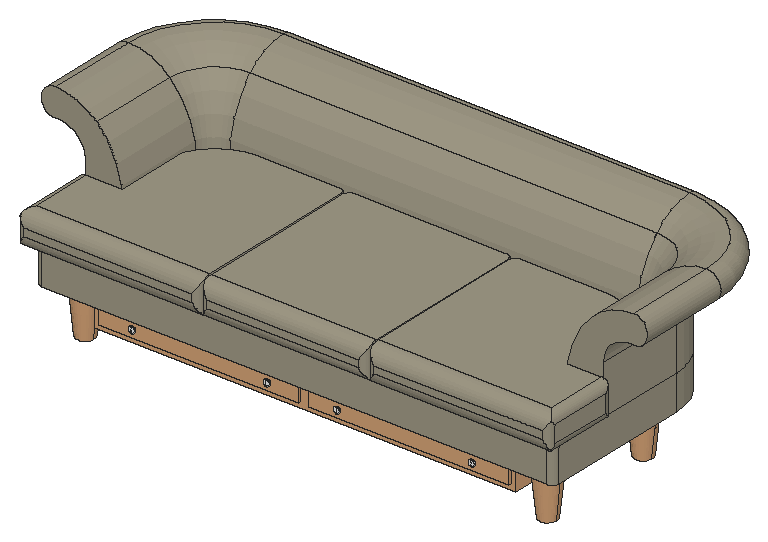
Revit family
Parameters
  Length [instance] = 6' - 2"
  Depth [instance] = 2' - 6"
Reference planes (in)
  plane 1 "Center Front/Back": y = 0
  plane 2: z = 0
  plane 3 "Back": y = 15
  plane 4 "Front": y = -15
  plane 5 "Left": x = -37
  plane 6 "Right": x = 37
  plane 7 "Top of Base Frame": z = 12
  plane 8: z = 7
  plane 9: x = 0
  plane 10: x = -33
  plane 11: y = -11
  plane 12: x = 33
  plane 13: y = 17
  plane 14: x = -24.25
  plane 15: x = -5
  plane 16: x = 5
  plane 17: x = 24.25
  plane 18: y = -17
Forms (in)
  Extrusion 1, solid, material "Frame"
    sketch origin (0, 0, 0) x (1, 0, 0) y (0, 1, 0)
      loop
        line (-36, -15) -> (36, -15)
        arc (36, -15) -> (36.70711, -14.70711) -> (37, -14) r 1
        line (37, -14) -> (37, 7)
        arc (37, 7) -> (34.3877, 12.92795) -> (28.25, 15) r 8.03214
        line (28.25, 15) -> (-29, 15)
        arc (-29, 15) -> (-34.65685, 12.65685) -> (-37, 7) r 8
        line (-37, 7) -> (-37, -14)
        arc (-37, -14) -> (-36.70711, -14.70711) -> (-36, -15) r 1
    from 7 to 12
  Sweep 2, solid, material "Frame"
    path origin (0, 0, 12) x (0, -1, 0) y (1, 0, 0)
      loop
        line (6, 37) -> (-7, 37)
        arc (-7, 37) -> (-12.65685, 34.65685) -> (-15, 29) r 8
        line (-15, 29) -> (-15, -29)
        arc (-15, -29) -> (-12.65685, -34.65685) -> (-7, -37) r 8
        line (-7, -37) -> (6, -37)
    profile origin (37, 0.5, 12) x (-1, 0, 0) y (0, 0, 1)
      loop
        arc (5, 0) -> (4.91435, 6.56563) -> (1.61574, 12.24312) r 12.93397
        arc (1.61574, 12.24312) -> (-1.07901, 14.05079) -> (-4.26118, 14.68577) r 8.29113
        arc (-4.26118, 14.68577) -> (-6.26118, 12.68577) -> (-4.26118, 10.68577) r 2
        arc (-4.26118, 10.68577) -> (-1.28799, 9.81703) -> (0, 7) r 3.72462
        line (0, 7) -> (0, 0) -> (5, 0)
  Extrusion 3, solid, material "Cushions"
    sketch origin (0, 0, 12) x (0, -1, 0) y (1, 0, 0)
      loop
        arc (16, 12) -> (16.70711, 12.29289) -> (17, 13) r 1
        line (17, 13) -> (17, 37)
        arc (17, 37) -> (16.70711, 37.70711) -> (16, 38) r 1
        line (16, 38) -> (7, 38)
        arc (7, 38) -> (6.29289, 37.70711) -> (6, 37) r 1
        line (6, 37) -> (6, 33)
        arc (6, 33) -> (5.70711, 32.29289) -> (5, 32) r 1
        line (5, 32) -> (-2.25, 32)
        arc (-2.25, 32) -> (-7.19975, 29.94975) -> (-9.25, 25) r 7
        line (-9.25, 25) -> (-9.25, 13)
        arc (-9.25, 13) -> (-8.95711, 12.29289) -> (-8.25, 12) r 1
        line (-8.25, 12) -> (16, 12)
    from 0 to 5
  Extrusion 4, solid, material "Cushions"
    sketch origin (0, 0, 12) x (0, -1, 0) y (1, 0, 0)
      loop
        line (16, -12) -> (-8.25, -12)
        arc (-8.25, -12) -> (-8.95711, -12.29289) -> (-9.25, -13) r 1
        line (-9.25, -13) -> (-9.25, -25)
        arc (-9.25, -25) -> (-7.19975, -29.94975) -> (-2.25, -32) r 7
        line (-2.25, -32) -> (5, -32)
        arc (5, -32) -> (5.70711, -32.29289) -> (6, -33) r 1
        line (6, -33) -> (6, -37)
        arc (6, -37) -> (6.29289, -37.70711) -> (7, -38) r 1
        line (7, -38) -> (16, -38)
        arc (16, -38) -> (16.70711, -37.70711) -> (17, -37) r 1
        line (17, -37) -> (17, -13)
        arc (17, -13) -> (16.70711, -12.29289) -> (16, -12) r 1
    from 0 to 5
  Extrusion 5, solid, material "Cushions"
    sketch origin (0, 0, 12) x (0, -1, 0) y (1, 0, 0)
      loop
        line (17, -10.8125) -> (17, 10.8125)
        arc (17, 10.8125) -> (16.70711, 11.51961) -> (16, 11.8125) r 1
        line (16, 11.8125) -> (-8.25, 11.8125)
        arc (-8.25, 11.8125) -> (-8.95711, 11.51961) -> (-9.25, 10.8125) r 1
        line (-9.25, 10.8125) -> (-9.25, -10.8125)
        arc (-9.25, -10.8125) -> (-8.95711, -11.51961) -> (-8.25, -11.8125) r 1
        line (-8.25, -11.8125) -> (16, -11.8125)
        arc (16, -11.8125) -> (16.70711, -11.51961) -> (17, -10.8125) r 1
    from 0 to 5
  Blend 6, solid, material "Legs"
    base sketch origin (0, 0, 0) x (1, 0, 0) y (0, 1, 0)
      loop
        circle (-33, -11) r 1.25
    top sketch origin (0, 0, 0) x (1, 0, 0) y (0, 1, 0)
      loop
        circle (-33, -11) r 2
    from 0 to 7
  Blend 7, solid, material "Legs"
    base sketch origin (0, 0, 0) x (-1, 0, 0) y (0, -1, 0)
      loop
        circle (-33, 11) r 1.25
    top sketch origin (0, 0, 0) x (-1, 0, 0) y (0, -1, 0)
      loop
        circle (-33, 11) r 2
    from 0 to 7
  Blend 8, solid, material "Legs"
    base sketch origin (-0.50049, 17.63769, 0) x (-1, 0, 0) y (0, -1, 0)
      loop
        circle (-33, 11) r 1.25
    top sketch origin (-0.50049, 17.63769, 0) x (-1, 0, 0) y (0, -1, 0)
      loop
        circle (-33, 11) r 2
    from 0 to 7
  Blend 9, solid, material "Legs"
    base sketch origin (33, 23, 0) x (1, 0, 0) y (0, 1, 0)
      loop
        circle (-33, -11) r 1.25
    top sketch origin (33, 23, 0) x (1, 0, 0) y (0, 1, 0)
      loop
        circle (-33, -11) r 2
    from 0 to 7
  Blend 10, solid, material "Legs"
    base sketch origin (0.50049, 17.63769, 0) x (1, 0, 0) y (0, 1, 0)
      loop
        circle (-33, -11) r 1.25
    top sketch origin (0.50049, 17.63769, 0) x (1, 0, 0) y (0, 1, 0)
      loop
        circle (-33, -11) r 2
    from 0 to 7
  Extrusion 11, solid, material "Drawer Boxes"
    sketch origin (0, -15, 0) x (1, 0, 0) y (0, 0, 1)
      loop
        line (30, 7) -> (-30, 7) -> (-30, 3) -> (30, 3) -> (30, 7)
    from -2 to -24.25
  Extrusion 12, solid, material "Drawer Fronts"
    sketch origin (0, -15, 0) x (1, 0, 0) y (0, 0, 1)
      loop
        line (-29.25, 3.75) -> (-0.75, 3.75) -> (-0.75, 6.25) -> (-29.25, 6.25) -> (-29.25, 3.75)
    from -2 to -1.75
  Extrusion 13, solid, material "Drawer Fronts"
    sketch origin (0, -15, 0) x (-1, 0, 0) y (0, 0, -1)
      loop
        line (-29.25, -3.75) -> (-29.25, -6.25) -> (-0.75, -6.25) -> (-0.75, -3.75) -> (-29.25, -3.75)
    from -2 to -1.75
  Revolve 14, solid, material "Drawer Pulls"
    sketch origin (24.25, 0, 0) x (0, -1, 0) y (0, 0, 1)
      loop
        line (13.25, 5) -> (13.75, 5)
        arc (13.75, 5) -> (13.73562, 5.21671) -> (13.6922, 5.42951) r 1.60996
        arc (13.6922, 5.42951) -> (13.65775, 5.45401) -> (13.625, 5.42727) r 0.03486
        line (13.625, 5.42727) -> (13.625, 5.24785)
        arc (13.625, 5.24785) -> (13.58902, 5.16098) -> (13.50215, 5.125) r 0.12285
        line (13.50215, 5.125) -> (13.25, 5.125) -> (13.25, 5)
      axis (13.75, 5) -> (13.25, 5)
    angle from 0 to 360
  Revolve 15, solid, material "Drawer Pulls"
    sketch origin (5, 0, 0) x (0, -1, 0) y (0, 0, 1)
      loop
        line (13.25, 5) -> (13.75, 5)
        arc (13.75, 5) -> (13.73562, 5.21671) -> (13.6922, 5.42951) r 1.60996
        arc (13.6922, 5.42951) -> (13.65775, 5.45401) -> (13.625, 5.42727) r 0.03486
        line (13.625, 5.42727) -> (13.625, 5.24785)
        arc (13.625, 5.24785) -> (13.58902, 5.16098) -> (13.50215, 5.125) r 0.12285
        line (13.50215, 5.125) -> (13.25, 5.125) -> (13.25, 5)
      axis (13.75, 5) -> (13.25, 5)
    angle from 0 to 360
  Revolve 16, solid, material "Drawer Pulls"
    sketch origin (-5, 0, 0) x (0, -1, 0) y (0, 0, 1)
      loop
        line (13.25, 5) -> (13.75, 5)
        arc (13.75, 5) -> (13.73562, 5.21671) -> (13.6922, 5.42951) r 1.60996
        arc (13.6922, 5.42951) -> (13.65775, 5.45401) -> (13.625, 5.42727) r 0.03486
        line (13.625, 5.42727) -> (13.625, 5.24785)
        arc (13.625, 5.24785) -> (13.58902, 5.16098) -> (13.50215, 5.125) r 0.12285
        line (13.50215, 5.125) -> (13.25, 5.125) -> (13.25, 5)
      axis (13.75, 5) -> (13.25, 5)
    angle from 0 to 360
  Revolve 17, solid, material "Drawer Pulls"
    sketch origin (-24.25, 0, 0) x (0, -1, 0) y (0, 0, 1)
      loop
        line (13.25, 5) -> (13.75, 5)
        arc (13.75, 5) -> (13.73562, 5.21671) -> (13.6922, 5.42951) r 1.60996
        arc (13.6922, 5.42951) -> (13.65775, 5.45401) -> (13.625, 5.42727) r 0.03486
        line (13.625, 5.42727) -> (13.625, 5.24785)
        arc (13.625, 5.24785) -> (13.58902, 5.16098) -> (13.50215, 5.125) r 0.12285
        line (13.50215, 5.125) -> (13.25, 5.125) -> (13.25, 5)
      axis (13.75, 5) -> (13.25, 5)
    angle from 0 to 360
  Extrusion 18, void
    sketch origin (37, 0, 0) x (0, -1, 0) y (0, 0, 1)
      loop
        line (17, 15) -> (17, 13.89804)
        arc (17, 13.89804) -> (16.44408, 12.55592) -> (15.10196, 12) r 1.89804
        line (15.10196, 12) -> (15, 12) -> (15, 11.75) -> (17.25, 11.75) -> (17.25, 17.25) -> (15, 17.25) -> (15, 17)
        arc (15, 17) -> (16.41421, 16.41421) -> (17, 15) r 2
    from -12 to 84
  Extrusion 19, void
    sketch origin (0, -15, 0) x (1, 0, 0) y (0, 0, 1)
      loop
        line (38, 15.75) -> (38, 13.25)
        arc (38, 13.25) -> (37.63388, 12.36612) -> (36.75, 12) r 1.25
        line (36.75, 12) -> (36.75, 11.75) -> (38.25, 11.75) -> (38.25, 17.25) -> (36.75, 17.25) -> (36.75, 17)
        arc (36.75, 17) -> (37.63388, 16.63388) -> (38, 15.75) r 1.25
    from 6 to -9
  Extrusion 20, void
    sketch origin (0, -15, 0) x (1, 0, 0) y (0, 0, 1)
      loop
        arc (-38, 15.75) -> (-37.63388, 16.63388) -> (-36.75, 17) r 1.25
        line (-36.75, 17) -> (-36.75, 17.25) -> (-38.25, 17.25) -> (-38.25, 11.75) -> (-36.75, 11.75) -> (-36.75, 12)
        arc (-36.75, 12) -> (-37.63388, 12.36612) -> (-38, 13.25) r 1.25
        line (-38, 13.25) -> (-38, 15.75)
    from 3 to -9
Cuts and joins
  Extrusion 18, Extrusion 19, Extrusion 20 cuts Extrusion 1
  Extrusion 18, Extrusion 19 cuts Extrusion 3
  Extrusion 18, Extrusion 20 cuts Extrusion 4
  Extrusion 18 cuts Extrusion 5
Dimensions and locks (in)
  equal spacing: plane 3 "Back", plane 1 "Center Front/Back", plane 4 "Front"
  "Length": plane 5 "Left" to plane 6 "Right"
  "Depth": plane 3 "Back" to plane 4 "Front"
  plane 8 to level = 0' - 7"
  locked: plane 7 "Top of Base Frame" to plane 8 at 5
  equal spacing: plane 5 "Left", plane 9, plane 6 "Right"
  locked: plane 11 to plane 4 "Front" at 4
  locked: plane 5 "Left" to plane 10 at 4
  locked: plane 12 to plane 6 "Right" at 4
  Extrusion 11 sketch curve to plane 9 = 2' - 6"  (x2)
  plane 9 to Extrusion 12 sketch curve = 0' - 0 3/4"
  Extrusion 12 sketch curve to Extrusion 11 = 0' - 0 3/4"
  Extrusion 1 to Extrusion 12 sketch curve = 0' - 0 3/4"
  Extrusion 11 to Extrusion 12 sketch curve = 0' - 0 3/4"
  plane 16 to Extrusion 13 = 0' - 4 1/4"
  Extrusion 12 to plane 15 = 0' - 4 1/4"
  plane 14 to Extrusion 12 = 0' - 5"
  Extrusion 13 to plane 17 = 0' - 5"
  aligned and locked: plane 4 "Front" to Extrusion 1 sketch curve
  aligned and locked: Extrusion 1 sketch curve to plane 6 "Right"
  aligned and locked: plane 8 to Blend 6
  aligned and locked: plane 7 "Top of Base Frame" to Extrusion 1
  aligned and locked: Extrusion 1 to plane 8
  aligned and locked: Revolve 14 sketch curve to Revolve 14 sketch curve
  aligned and locked: Revolve 15 sketch curve to Revolve 15 sketch curve
  aligned and locked: Revolve 16 sketch curve to Revolve 16 sketch curve
  aligned and locked: Revolve 17 sketch curve to Revolve 17 sketch curve
  aligned and locked: plane 14 to Revolve 17
  aligned and locked: plane 15 to Revolve 16
  aligned and locked: plane 16 to Revolve 15
  aligned and locked: plane 17 to Revolve 14
  aligned and locked: Extrusion 3 sketch curve to plane 18
  aligned and locked: Extrusion 5 to plane 18
  aligned and locked: Extrusion 4 to plane 18
Automatic sketch dimensions
  Sweep 2 sketch curve to plane 3 "Back" = 0' - 0"
  Sweep 2 sketch curve to plane 5 "Left" = 0' - 0"
  Sweep 2 sketch curve to plane 6 "Right" = 0' - 0"
  Sweep 2 sketch curve to plane 1 "Center Front/Back" = 0' - 7"  (x2)
  plane 11 to Sweep 2 sketch curve = 0' - 5"  (x2)
  Sweep 2 sketch curve to plane 7 "Top of Base Frame" = 0' - 0"
  Sweep 2 sketch curve to profile plane = 0' - 0"
  Sweep 2 sketch curve to Sweep 2 sketch curve = 0' - 3.72462"
  Sweep 2 sketch curve to Sweep 2 sketch curve = 0' - 0.53656"
  Sweep 2 sketch curve to Sweep 2 sketch curve = 0' - 3.29093"
  Sweep 2 sketch curve to profile plane = 0' - 1.61574"
  Sweep 2 sketch curve to Sweep 2 sketch curve = 0' - 0"
  Sweep 2 sketch curve to profile plane = 0' - 5"
  plane 7 "Top of Base Frame" to Sweep 2 sketch curve = 0' - 3.11963"
  Sweep 2 sketch curve to Sweep 2 sketch curve = 0' - 0.60536"
  Sweep 2 sketch curve to Sweep 2 sketch curve = 0' - 2"
  Extrusion 3 sketch curve to plane 12 = 0' - 0"
  Extrusion 3 sketch curve to plane 6 "Right" = 0' - 1"
  plane 4 "Front" to Extrusion 3 sketch curve = 0' - 1"  (x2)
  plane 11 to Extrusion 3 sketch curve = 0' - 4"
  Extrusion 3 sketch curve to Extrusion 3 sketch curve = 0' - 1"  (x2)
  Extrusion 3 sketch curve to plane 1 "Center Front/Back" = 0' - 2 1/4"
  Extrusion 3 sketch curve to plane 3 "Back" = 0' - 6 3/4"
  Extrusion 3 sketch curve to plane 3 "Back" = 0' - 5 3/4"
  Extrusion 3 sketch curve to Extrusion 3 sketch curve = 1' - 0"
  Extrusion 4 sketch curve to plane 10 = 0' - 0"
  plane 5 "Left" to Extrusion 4 sketch curve = 0' - 1"
  Extrusion 4 sketch curve to plane 4 "Front" = 0' - 2"
  Extrusion 4 sketch curve to plane 4 "Front" = 0' - 1"  (x2)
  Extrusion 4 sketch curve to plane 11 = 0' - 4"
  Extrusion 4 sketch curve to plane 5 "Left" = 0' - 0"
  Extrusion 4 sketch curve to Extrusion 4 sketch curve = 0' - 1"
  plane 1 "Center Front/Back" to Extrusion 4 sketch curve = 0' - 2 1/4"
  plane 3 "Back" to Extrusion 4 sketch curve = 0' - 6 3/4"
  plane 3 "Back" to Extrusion 4 sketch curve = 0' - 5 3/4"
  plane 9 to Extrusion 4 sketch curve = 1' - 1"
  plane 4 "Front" to Extrusion 5 sketch curve = 0' - 2"
  plane 4 "Front" to Extrusion 5 sketch curve = 0' - 1"  (x2)
  Extrusion 5 sketch curve to plane 3 "Back" = 0' - 6 3/4"  (x2)
  Extrusion 5 sketch curve to Extrusion 5 sketch curve = 0' - 1"
  Extrusion 5 sketch curve to plane 9 = 0' - 11 13/16"
  plane 9 to Extrusion 5 sketch curve = 0' - 10 13/16"
  Blend 6 sketch curve to plane 10 = 0' - 0"  (x2)
  Blend 6 sketch curve to plane 11 = 0' - 0"  (x2)
  Blend 7 sketch curve to plane 11 = 0' - 0"  (x2)
  Blend 7 sketch curve to plane 12 = 0' - 0"  (x2)
  Blend 8 sketch curve to plane 12 = 0' - 0.50049"  (x2)
  plane 1 "Center Front/Back" to Blend 8 sketch curve = 0' - 6.63769"  (x2)
  Blend 9 sketch curve to plane 9 = 0' - 0"  (x2)
  Blend 9 sketch curve to plane 3 "Back" = 0' - 3"  (x2)
  Blend 10 sketch curve to plane 10 = 0' - 0.50049"  (x2)
  Blend 10 sketch curve to plane 1 "Center Front/Back" = 0' - 6.63769"  (x2)
  Extrusion 11 sketch curve to plane 8 = 0' - 0"
  level to Extrusion 11 sketch curve = 0' - 3"
  plane 8 to Extrusion 13 sketch curve = 0' - 0 3/4"
  Extrusion 13 sketch curve to plane 12 = 0' - 3 3/4"
  Extrusion 13 sketch curve to plane 9 = 0' - 0 3/4"
  Extrusion 13 sketch curve to Extrusion 13 sketch curve = 0' - 2 1/2"
  Revolve 14 sketch curve to plane 11 = 0' - 1.14004"
  Revolve 14 sketch curve to Revolve 14 sketch curve = 0' - 1.05013"
  Revolve 14 sketch curve to Revolve 14 sketch curve = 0' - 0.05983"
  Revolve 14 sketch curve to Revolve 14 sketch curve = 0' - 0.25215"
  Revolve 14 sketch curve to Revolve 14 sketch curve = 0' - 0.12285"
  Revolve 14 sketch curve to Revolve 14 sketch curve = 0' - 0.03391"
  Revolve 14 sketch curve to Revolve 14 sketch curve = 0' - 0.03329"
  Revolve 14 sketch curve to Revolve 14 sketch curve = 0' - 0.24785"
  Revolve 14 sketch curve to Revolve 14 sketch curve = 0' - 0"
  Revolve 14 sketch curve to plane 8 = 0' - 2"
  Revolve 14 sketch curve to Revolve 14 sketch curve = 0' - 0.00199"
  Revolve 14 sketch curve to Revolve 14 sketch curve = 0' - 0 1/8"
  Revolve 14 sketch curve to Revolve 14 sketch curve = 0' - 0.01035"
  Revolve 15 sketch curve to plane 11 = 0' - 1.14004"
  Revolve 15 sketch curve to Revolve 15 sketch curve = 0' - 1.05013"
  Revolve 15 sketch curve to Revolve 15 sketch curve = 0' - 0.05983"
  Revolve 15 sketch curve to Revolve 15 sketch curve = 0' - 0.25215"
  Revolve 15 sketch curve to Revolve 15 sketch curve = 0' - 0.12285"
  Revolve 15 sketch curve to Revolve 15 sketch curve = 0' - 0.03391"
  Revolve 15 sketch curve to Revolve 15 sketch curve = 0' - 0.03329"
  Revolve 15 sketch curve to Revolve 15 sketch curve = 0' - 0.24785"
  Revolve 15 sketch curve to Revolve 15 sketch curve = 0' - 0"
  Revolve 15 sketch curve to plane 8 = 0' - 2"
  Revolve 15 sketch curve to Revolve 15 sketch curve = 0' - 0.00199"
  Revolve 15 sketch curve to Revolve 15 sketch curve = 0' - 0 1/8"
  Revolve 15 sketch curve to Revolve 15 sketch curve = 0' - 0.01035"
  Revolve 16 sketch curve to plane 11 = 0' - 1.14004"
  Revolve 16 sketch curve to Revolve 16 sketch curve = 0' - 1.05013"
  Revolve 16 sketch curve to Revolve 16 sketch curve = 0' - 0.05983"
  Revolve 16 sketch curve to Revolve 16 sketch curve = 0' - 0.25215"
  Revolve 16 sketch curve to Revolve 16 sketch curve = 0' - 0.12285"
  Revolve 16 sketch curve to Revolve 16 sketch curve = 0' - 0.03391"
  Revolve 16 sketch curve to Revolve 16 sketch curve = 0' - 0.03329"
  Revolve 16 sketch curve to Revolve 16 sketch curve = 0' - 0.24785"
  Revolve 16 sketch curve to Revolve 16 sketch curve = 0' - 0"
  Revolve 16 sketch curve to plane 8 = 0' - 2"
  Revolve 16 sketch curve to Revolve 16 sketch curve = 0' - 0.00199"
  Revolve 16 sketch curve to Revolve 16 sketch curve = 0' - 0 1/8"
  Revolve 16 sketch curve to Revolve 16 sketch curve = 0' - 0.01035"
  Revolve 17 sketch curve to plane 11 = 0' - 1.14004"
  Revolve 17 sketch curve to Revolve 17 sketch curve = 0' - 1.05013"
  Revolve 17 sketch curve to Revolve 17 sketch curve = 0' - 0.05983"
  Revolve 17 sketch curve to Revolve 17 sketch curve = 0' - 0.25215"
  Revolve 17 sketch curve to Revolve 17 sketch curve = 0' - 0.12285"
  Revolve 17 sketch curve to Revolve 17 sketch curve = 0' - 0.03391"
  Revolve 17 sketch curve to Revolve 17 sketch curve = 0' - 0.03329"
  Revolve 17 sketch curve to Revolve 17 sketch curve = 0' - 0.24785"
  Revolve 17 sketch curve to Revolve 17 sketch curve = 0' - 0"
  Revolve 17 sketch curve to plane 8 = 0' - 2"
  Revolve 17 sketch curve to Revolve 17 sketch curve = 0' - 0.00199"
  Revolve 17 sketch curve to Revolve 17 sketch curve = 0' - 0 1/8"
  Revolve 17 sketch curve to Revolve 17 sketch curve = 0' - 0.01035"
  Extrusion 1 sketch curve to plane 5 "Left" = 0' - 0"
  Extrusion 1 sketch curve to plane 3 "Back" = 0' - 0"
  plane 5 "Left" to Extrusion 1 sketch curve = 0' - 1"
  Extrusion 1 sketch curve to plane 10 = 0' - 4"
  plane 17 to Extrusion 1 sketch curve = 0' - 4"
  plane 12 to Extrusion 1 sketch curve = 0' - 4.03214"
  Extrusion 1 sketch curve to plane 4 "Front" = 0' - 1"
  Extrusion 18 sketch curve to plane 4 "Front" = 0' - 0"  (x2)
  Extrusion 18 sketch curve to plane 7 "Top of Base Frame" = 0' - 0"
  Extrusion 18 sketch curve to plane 18 = 0' - 0"
  Extrusion 18 sketch curve to Extrusion 18 sketch curve = 0' - 0.10196"
  Extrusion 18 sketch curve to plane 18 = 0' - 0 1/4"
  Extrusion 18 sketch curve to plane 7 "Top of Base Frame" = 0' - 0 1/4"
  Extrusion 18 sketch curve to Extrusion 18 sketch curve = 0' - 1.10196"
  Extrusion 18 sketch curve to Extrusion 18 sketch curve = 0' - 0 1/4"
  Extrusion 19 sketch curve to plane 7 "Top of Base Frame" = 0' - 0"
  plane 6 "Right" to Extrusion 19 sketch curve = 0' - 0 1/4"  (x2)
  Extrusion 19 sketch curve to plane 6 "Right" = 0' - 1"
  Extrusion 19 sketch curve to plane 6 "Right" = 0' - 1 1/4"
  Extrusion 19 sketch curve to plane 7 "Top of Base Frame" = 0' - 0 1/4"
  Extrusion 19 sketch curve to Extrusion 19 sketch curve = 0' - 2 1/2"
  Extrusion 19 sketch curve to Extrusion 19 sketch curve = 0' - 0 1/4"
  Extrusion 20 sketch curve to plane 7 "Top of Base Frame" = 0' - 0"
  Extrusion 20 sketch curve to plane 5 "Left" = 0' - 1 1/4"
  Extrusion 20 sketch curve to plane 5 "Left" = 0' - 1"
  plane 5 "Left" to Extrusion 20 sketch curve = 0' - 0 1/4"  (x2)
  Extrusion 20 sketch curve to plane 7 "Top of Base Frame" = 0' - 0 1/4"
  Extrusion 20 sketch curve to Extrusion 20 sketch curve = 0' - 2 1/2"
  Extrusion 20 sketch curve to Extrusion 20 sketch curve = 0' - 0 1/4"
  radius of Blend 6 sketch curve = 0' - 1 1/4"
  radius of Blend 6 sketch curve = 0' - 2"
  radius of Blend 7 sketch curve = 0' - 1 1/4"
  radius of Blend 7 sketch curve = 0' - 2"
  radius of Blend 8 sketch curve = 0' - 1 1/4"
  radius of Blend 8 sketch curve = 0' - 2"
  radius of Blend 9 sketch curve = 0' - 1 1/4"
  radius of Blend 9 sketch curve = 0' - 2"
  radius of Blend 10 sketch curve = 0' - 1 1/4"
  radius of Blend 10 sketch curve = 0' - 2"
